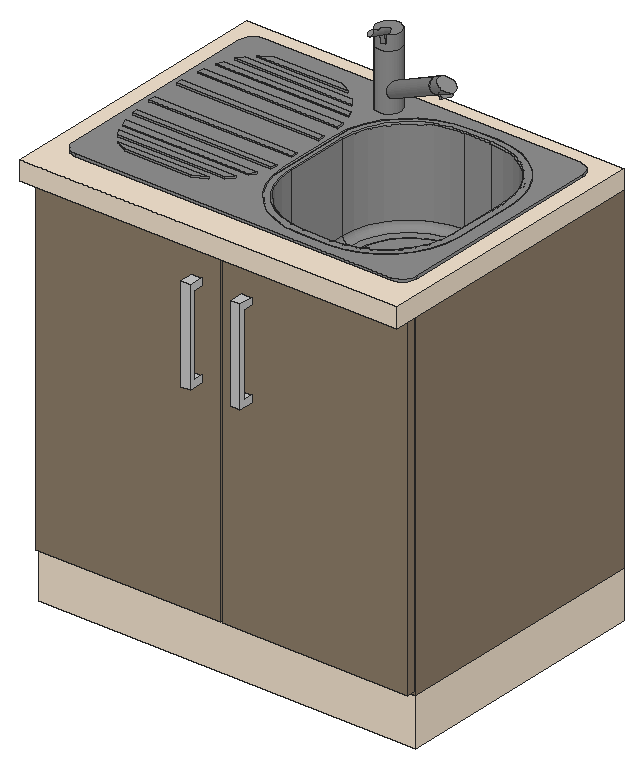
Revit family "Кухня мойка", category Мебель, Revit 2019
Family settings
  Номер OmniClass = 23.40.20.00
  Заголовок OmniClass = General Furniture and Specialties
  На основе рабочей плоскости = Нет
  Всегда вертикально = Да
  При загрузке вырезать с полостями = Нет
  Общий = Нет
  Точка расчета площади = Нет
Parameters (values of type "Мойка")
  Ширина [instance] = 800 mm
  Мойка правая 800мм [instance] = yes
  Мойка левая 800мм [instance] = no
  Мойка в угол кухни (правий) [instance] = no
  Мойка в угол кухни (левый) [instance] = no
  Материал корпус = Материал корпус кухни
  Материал столешница = Материал столешница кухни
  Изготовитель = "Литвинчук Артур"
  URL = "lytvynchukartur@gmail.com"
Reference planes
  plane 1 "По центру (Вперед/Назад)": y = 0
  plane 2: z = 0
  plane 3 "По центру (Влево/Вправо)": x = 0
  plane 4: x = 800
  plane 5: y = -550
  plane 6: z = 100
  plane 7: z = 820
  plane 8: z = 860
  plane 9 "По центру Л/Р": x = 20
  plane 10: x = 780
  plane 11: y = -530
  plane 12 "По центру Л/С": x = 5
  plane 13: x = 795
  plane 14: z = 105
  plane 15: z = 815
  plane 16: x = 400
  plane 17: x = 402.5
  plane 18: x = 397.5
  plane 19: y = -565
  plane 20: x = 357.5
  plane 21: x = 337.5
  plane 22: x = 442.5
  plane 23: x = 462.5
  plane 24: y = -600
  plane 25: x = 550
  plane 26: x = 600
  plane 27: x = 555
  plane 28: x = 1200
  plane 29 "По центру Л/Т": x = -400
  plane 30: x = 250
  plane 31: x = 245
  plane 32: x = 200
  plane 33: x = 760
  plane 34: x = 740
Forms (mm)
  Extrusion 1, solid, material "Материал цоколь кухни"
    sketch origin (0, 0, 0) x (1, 0, 0) y (0, 1, 0)
      loop
        line (0, 0) -> (0, -550) -> (800, -550) -> (800, 0) -> (780, 0) -> (780, -530) -> (20, -530) -> (20, 0) -> (0, 0)
    from 0 to 100
  Extrusion 2, solid, material "Материал корпус кухни" <- "Материал корпус"
    sketch origin (0, 0, 0) x (1, 0, 0) y (0, 1, 0)
      loop
        line (0, 0) -> (0, -550) -> (800, -550) -> (800, 0) -> (0, 0)
      loop
        line (20, -20) -> (20, -530) -> (780, -530) -> (780, -20) -> (20, -20)
    from 100 to 820
  Extrusion 3, solid, material "Материал корпус кухни" <- "Материал корпус", visible <- "Мойка левая 800мм"
    sketch origin (0, 0, 0) x (1, 0, 0) y (0, 0, 1)
      loop
        line (5, 815) -> (5, 105) -> (397.5, 105) -> (397.5, 815) -> (5, 815)
    from 550 to 565
  Extrusion 4, solid, material "Материал корпус кухни" <- "Материал корпус", visible <- "Мойка левая 800мм"
    sketch origin (360, 0, 0) x (1, 0, 0) y (0, 0, 1)
      loop
        line (42.5, 815) -> (42.5, 105) -> (435, 105) -> (435, 815) -> (42.5, 815)
    from 550 to 565
  Extrusion 5, solid, material "Материал ручка кухни", visible <- "Мойка левая 800мм"
    sketch origin (1120, 0, 500) x (0, 0, 1) y (0, 1, 0)
      loop
        line (45, -565) -> (45, -595) -> (245, -595) -> (245, -565) -> (230, -565) -> (230, -585) -> (60, -585) -> (60, -565) -> (45, -565)
    from 762.5 to 782.5
  Extrusion 6, solid, material "Материал ручка кухни", visible <- "Мойка левая 800мм"
    sketch origin (1160, 0, 500) x (0, 0, 1) y (0, 1, 0)
      loop
        line (45, -565) -> (45, -595) -> (245, -595) -> (245, -565) -> (230, -565) -> (230, -585) -> (60, -585) -> (60, -565) -> (45, -565)
    from 697.5 to 717.5
  Extrusion 7, solid, material "Материал столешница кухни" <- "Материал столешница", visible <- "Мойка правая 800мм"
    sketch origin (1060, 0, 0) x (1, 0, 0) y (0, 1, 0)
      loop
        line (-260, 0) -> (-1060, 0) -> (-1060, -600) -> (-260, -600) -> (-260, 0)
      loop
        arc (-306.284, -217.809) -> (-352.561, -106.086) -> (-464.284, -59.809) r 158
        line (-464.284, -59.809) -> (-522.085, -59.809)
        arc (-522.085, -59.809) -> (-582.714, -71.905) -> (-634.061, -106.34) r 158
        line (-634.061, -106.34) -> (-687.085, -170.691) -> (-687.085, -412.847) -> (-638.229, -461.703)
        arc (-638.229, -461.703) -> (-585.485, -499.305) -> (-522.085, -512.583) r 158
        line (-522.085, -512.583) -> (-464.284, -512.583)
        arc (-464.284, -512.583) -> (-352.561, -466.306) -> (-306.284, -354.583) r 158
        line (-306.284, -354.583) -> (-306.284, -217.809)
    from 820 to 860
  Extrusion 8, solid, material "Материал столешница кухни" <- "Материал столешница", visible <- "Мойка левая 800мм"
    sketch origin (-260, 0, 0) x (-1, 0, 0) y (0, -1, 0)
      loop
        line (-260, 0) -> (-260, 600) -> (-1060, 600) -> (-1060, 0) -> (-260, 0)
      loop
        line (-306.284, 217.809) -> (-306.284, 354.583)
        arc (-306.284, 354.583) -> (-352.561, 466.306) -> (-464.284, 512.583) r 158
        line (-464.284, 512.583) -> (-522.085, 512.583)
        arc (-522.085, 512.583) -> (-585.485, 499.305) -> (-638.229, 461.703) r 158
        line (-638.229, 461.703) -> (-687.085, 412.847) -> (-687.085, 170.691) -> (-634.061, 106.34)
        arc (-634.061, 106.34) -> (-582.714, 71.905) -> (-522.085, 59.809) r 158
        line (-522.085, 59.809) -> (-464.284, 59.809)
        arc (-464.284, 59.809) -> (-352.561, 106.086) -> (-306.284, 217.809) r 158
    from 820 to 860
  Extrusion 9, solid, material "Материал корпус кухни" <- "Материал корпус", visible <- "Мойка в угол кухни (правий)"
    sketch origin (-42.5, 0, 0) x (1, 0, 0) y (0, 0, 1)
      loop
        line (47.5, 815) -> (47.5, 105) -> (592.5, 105) -> (592.5, 815) -> (47.5, 815)
    from 550 to 565
  Extrusion 10, solid, material "Материал ручка кухни", visible <- "Мойка в угол кухни (правий)"
    sketch origin (757.5, 0, 500) x (0, 0, 1) y (0, 1, 0)
      loop
        line (45, -565) -> (45, -595) -> (245, -595) -> (245, -565) -> (230, -565) -> (230, -585) -> (60, -585) -> (60, -565) -> (45, -565)
    from 697.5 to 717.5
  Extrusion 11, solid, material "Материал столешница кухни" <- "Материал столешница", visible <- "Мойка в угол кухни (правий)"
    sketch origin (-260, 0, 0) x (-1, 0, 0) y (0, -1, 0)
      loop
        line (-260, 0) -> (-260, 600) -> (-1460, 600) -> (-1460, 0) -> (-260, 0)
      loop
        line (-306.284, 217.809) -> (-306.284, 354.583)
        arc (-306.284, 354.583) -> (-352.561, 466.306) -> (-464.284, 512.583) r 158
        line (-464.284, 512.583) -> (-522.085, 512.583)
        arc (-522.085, 512.583) -> (-585.485, 499.305) -> (-638.229, 461.703) r 158
        line (-638.229, 461.703) -> (-687.085, 412.847) -> (-687.085, 170.691) -> (-634.061, 106.34)
        arc (-634.061, 106.34) -> (-582.714, 71.905) -> (-522.085, 59.809) r 158
        line (-522.085, 59.809) -> (-464.284, 59.809)
        arc (-464.284, 59.809) -> (-352.561, 106.086) -> (-306.284, 217.809) r 158
    from 820 to 860
  Extrusion 12, solid, material "Материал корпус кухни" <- "Материал корпус", visible <- "Мойка правая 800мм"
    sketch origin (-640, 0, 0) x (1, 0, 0) y (0, 0, 1)
      loop
        line (1042.5, 815) -> (1042.5, 105) -> (1435, 105) -> (1435, 815) -> (1042.5, 815)
    from 550 to 565
  Extrusion 13, solid, material "Материал ручка кухни", visible <- "Мойка правая 800мм"
    sketch origin (120, 0, 500) x (0, 0, 1) y (0, 1, 0)
      loop
        line (45, -565) -> (45, -595) -> (245, -595) -> (245, -565) -> (230, -565) -> (230, -585) -> (60, -585) -> (60, -565) -> (45, -565)
    from -237.5 to -217.5
  Extrusion 14, solid, material "Материал ручка кухни", visible <- "Мойка правая 800мм"
    sketch origin (160, 0, 500) x (0, 0, 1) y (0, 1, 0)
      loop
        line (45, -565) -> (45, -595) -> (245, -595) -> (245, -565) -> (230, -565) -> (230, -585) -> (60, -585) -> (60, -565) -> (45, -565)
    from -302.5 to -282.5
  Extrusion 15, solid, material "Материал корпус кухни" <- "Материал корпус", visible <- "Мойка правая 800мм"
    sketch origin (-1540, 0, 0) x (1, 0, 0) y (0, 0, 1)
      loop
        line (1545, 815) -> (1545, 105) -> (1937.5, 105) -> (1937.5, 815) -> (1545, 815)
    from 550 to 565
  Extrusion 16, solid, material "Материал корпус кухни" <- "Материал корпус", visible <- "Мойка в угол кухни (правий)"
    sketch origin (817.5, 0, 0) x (1, 0, 0) y (0, 0, 1)
      loop
        line (-263.354, 815) -> (-263.354, 105) -> (-217.5, 105) -> (-217.5, 815) -> (-263.354, 815)
    from 550 to 565
  Extrusion 17, solid, material "Материал корпус кухни" <- "Материал корпус", visible <- "Мойка в угол кухни (левый)"
    sketch origin (-184.728, 0, 0) x (-1, 0, 0) y (0, 0, -1)
      loop
        line (-979.728, -815) -> (-434.728, -815) -> (-434.728, -105) -> (-979.728, -105) -> (-979.728, -815)
    from 550 to 565
  Extrusion 18, solid, material "Материал ручка кухни", visible <- "Мойка в угол кухни (левый)"
    sketch origin (-984.728, 0, 500) x (0, 0, 1) y (0, -1, 0)
      loop
        line (45, 565) -> (60, 565) -> (60, 585) -> (230, 585) -> (230, 565) -> (245, 565) -> (245, 595) -> (45, 595) -> (45, 565)
    from 1724.728 to 1744.728
  Extrusion 19, solid, material "Материал столешница кухни" <- "Материал столешница", visible <- "Мойка в угол кухни (левый)"
    sketch origin (1060, 0, 0) x (1, 0, 0) y (0, 1, 0)
      loop
        line (-260, 0) -> (-1460, 0) -> (-1460, -600) -> (-260, -600) -> (-260, 0)
      loop
        arc (-306.284, -217.809) -> (-352.561, -106.086) -> (-464.284, -59.809) r 158
        line (-464.284, -59.809) -> (-522.085, -59.809)
        arc (-522.085, -59.809) -> (-582.714, -71.905) -> (-634.061, -106.34) r 158
        line (-634.061, -106.34) -> (-687.085, -170.691) -> (-687.085, -412.847) -> (-638.229, -461.703)
        arc (-638.229, -461.703) -> (-585.485, -499.305) -> (-522.085, -512.583) r 158
        line (-522.085, -512.583) -> (-464.284, -512.583)
        arc (-464.284, -512.583) -> (-352.561, -466.306) -> (-306.284, -354.583) r 158
        line (-306.284, -354.583) -> (-306.284, -217.809)
    from 820 to 860
  Extrusion 20, solid, material "Материал корпус кухни" <- "Материал корпус", visible <- "Мойка в угол кухни (левый)"
    sketch origin (-1044.728, 0, 0) x (-1, 0, 0) y (0, 0, -1)
      loop
        line (-1289.728, -815) -> (-1244.728, -815) -> (-1244.728, -105) -> (-1289.728, -105) -> (-1289.728, -815)
    from 550 to 565
Dimensions and locks
  locked: plane 3 "По центру (Влево/Вправо)" to plane 9 "По центру Л/Р" at 20
  locked: plane 10 to plane 4 at 20
  plane 11 to plane 5 to plane 19 = 20 mm locked, 15 mm locked
  locked: plane 1 "По центру (Вперед/Назад)" to plane 5 at 550
  equal spacing: plane 4, plane 16, plane 3 "По центру (Влево/Вправо)"
  plane 17 to plane 16 to plane 18 = 2.5 mm locked, 2.5 mm locked
  locked: plane 3 "По центру (Влево/Вправо)" to plane 12 "По центру Л/С" at 5
  locked: plane 13 to plane 4 at 5
  plane 21 to plane 20 to plane 16 to plane 22 to plane 23 = 20 mm locked, 42.5 mm locked, 42.5 mm locked, 20 mm locked
  locked: plane 5 to plane 24 at 50
  locked: plane 3 "По центру (Влево/Вправо)" to plane 4 at 800
  plane 26 to plane 27 to plane 25 to plane 3 "По центру (Влево/Вправо)" = 45 mm locked, 5 mm locked, 550 mm locked
  locked: plane 4 to plane 28 at 400
  locked: plane 29 "По центру Л/Т" to plane 3 "По центру (Влево/Вправо)" at 400
  plane 4 to plane 30 to plane 31 to plane 32 = 550 mm locked, 5 mm locked, 45 mm locked
  plane 4 to plane 33 to plane 34 = 40 mm locked, 20 mm locked
  aligned and locked: level to plane 2
  aligned and locked: plane 3 "По центру (Влево/Вправо)" to Extrusion 1 sketch curve
  aligned and locked: Extrusion 1 sketch curve to plane 9 "По центру Л/Р"
  aligned and locked: plane 1 "По центру (Вперед/Назад)" to Extrusion 1 sketch curve  (x2)
  aligned and locked: plane 10 to Extrusion 1 sketch curve
  aligned and locked: Extrusion 1 sketch curve to plane 4
  aligned and locked: Extrusion 1 sketch curve to plane 11
  aligned and locked: plane 5 to Extrusion 1 sketch curve
  aligned and locked: Extrusion 1 to level
  aligned and locked: plane 6 to Extrusion 1
  aligned and locked: plane 3 "По центру (Влево/Вправо)" to Extrusion 2 sketch curve
  aligned and locked: Extrusion 2 sketch curve to plane 9 "По центру Л/Р"
  aligned and locked: plane 1 "По центру (Вперед/Назад)" to Extrusion 2 sketch curve
  aligned and locked: plane 10 to Extrusion 2 sketch curve
  aligned and locked: Extrusion 2 sketch curve to plane 4
  aligned and locked: plane 5 to Extrusion 2 sketch curve
  aligned and locked: Extrusion 2 sketch curve to plane 11
  aligned and locked: plane 7 to Extrusion 2
  aligned and locked: Extrusion 2 to plane 6
  aligned and locked: Extrusion 3 to plane 14
  aligned and locked: plane 15 to Extrusion 3
  aligned and locked: plane 15 to Extrusion 4
  aligned and locked: Extrusion 4 to plane 14
  aligned and locked: Extrusion 3 to plane 12 "По центру Л/С"
  aligned and locked: plane 18 to Extrusion 3
  aligned and locked: Extrusion 4 to plane 17
  aligned and locked: plane 13 to Extrusion 4
  aligned and locked: plane 5 to Extrusion 4
  aligned and locked: Extrusion 4 to plane 19
  aligned and locked: plane 5 to Extrusion 3
  aligned and locked: Extrusion 3 to plane 19
  aligned and locked: plane 20 to Extrusion 5
  aligned and locked: Extrusion 5 to plane 21
  aligned and locked: plane 23 to Extrusion 6
  aligned and locked: Extrusion 6 to plane 22
  aligned and locked: plane 8 to Extrusion 7
  aligned and locked: Extrusion 7 to plane 7
  aligned and locked: Extrusion 7 to plane 3 "По центру (Влево/Вправо)"
  aligned and locked: plane 4 to Extrusion 7
  aligned and locked: Extrusion 7 to plane 1 "По центру (Вперед/Назад)"
  aligned and locked: Extrusion 7 to plane 24
  aligned and locked: nested 1 to Extrusion 7
  aligned and locked: Extrusion 8 to nested 2
  aligned and locked: Extrusion 8 to plane 3 "По центру (Влево/Вправо)"
  aligned and locked: plane 4 to Extrusion 8
  aligned and locked: Extrusion 8 to plane 1 "По центру (Вперед/Назад)"
  aligned and locked: Extrusion 8 to plane 24
  aligned and locked: Extrusion 11 to nested 3
  aligned and locked: plane 15 to Extrusion 12
  aligned and locked: Extrusion 12 to plane 14
  aligned and locked: plane 13 to Extrusion 12
  aligned and locked: Extrusion 12 to plane 17
  aligned and locked: plane 15 to Extrusion 15
  aligned and locked: Extrusion 15 to plane 14
  aligned and locked: plane 18 to Extrusion 15
  aligned and locked: Extrusion 15 to plane 12 "По центру Л/С"
  aligned and locked: plane 23 to Extrusion 14
  aligned and locked: Extrusion 14 to plane 22
  aligned and locked: plane 20 to Extrusion 13
  aligned and locked: Extrusion 13 to plane 21
  aligned and locked: plane 15 to Extrusion 9
  aligned and locked: Extrusion 9 to plane 14
  aligned and locked: Extrusion 9 to plane 12 "По центру Л/С"
  aligned and locked: plane 25 to Extrusion 9
  aligned and locked: plane 15 to Extrusion 16
  aligned and locked: Extrusion 16 to plane 14
  aligned and locked: Extrusion 16 to nested 1
  aligned and locked: plane 26 to Extrusion 16
  aligned and locked: plane 28 to Extrusion 11
  aligned and locked: Extrusion 11 to plane 1 "По центру (Вперед/Назад)"
  aligned and locked: nested 4 to Extrusion 19
  aligned and locked: plane 4 to Extrusion 19
  aligned and locked: Extrusion 19 to plane 1 "По центру (Вперед/Назад)"
  aligned and locked: Extrusion 19 to plane 24
  aligned and locked: Extrusion 19 to plane 29 "По центру Л/Т"
  aligned and locked: plane 15 to Extrusion 17
  aligned and locked: Extrusion 17 to plane 14
  aligned and locked: plane 13 to Extrusion 17
  aligned and locked: Extrusion 17 to plane 30
  aligned and locked: plane 15 to Extrusion 20
  aligned and locked: Extrusion 20 to plane 14
  aligned and locked: plane 31 to Extrusion 20
  aligned and locked: Extrusion 20 to plane 32
  aligned and locked: Extrusion 18 to plane 34
  aligned and locked: plane 33 to Extrusion 18
Automatic sketch dimensions
  plane 1 "По центру (Вперед/Назад)" to Extrusion 2 sketch curve = 20 mm
  Extrusion 3 sketch curve to plane 12 "По центру Л/С" = 0 mm
  Extrusion 3 sketch curve to plane 14 = 0 mm
  Extrusion 3 sketch curve to plane 18 = 0 mm
  Extrusion 3 sketch curve to plane 15 = 0 mm
  Extrusion 4 sketch curve to plane 14 = 0 mm
  Extrusion 4 sketch curve to plane 17 = 0 mm
  Extrusion 4 sketch curve to plane 13 = 0 mm
  Extrusion 4 sketch curve to plane 15 = 0 mm
  Extrusion 5 sketch curve to plane 19 = 0 mm  (x2)
  Extrusion 5 sketch curve to plane 15 = 270 mm
  Extrusion 5 sketch curve to Extrusion 5 sketch curve = 15 mm  (x2)
  Extrusion 5 sketch curve to plane 15 = 85 mm
  plane 24 to Extrusion 5 sketch curve = 5 mm
  plane 24 to Extrusion 5 sketch curve = 15 mm
  Extrusion 6 sketch curve to plane 19 = 0 mm  (x2)
  Extrusion 6 sketch curve to plane 15 = 270 mm
  Extrusion 6 sketch curve to Extrusion 6 sketch curve = 15 mm  (x2)
  Extrusion 6 sketch curve to plane 15 = 85 mm
  plane 24 to Extrusion 6 sketch curve = 5 mm
  plane 24 to Extrusion 6 sketch curve = 15 mm
  plane 1 "По центру (Вперед/Назад)" to Extrusion 7 sketch curve = 0 mm
  Extrusion 7 sketch curve to plane 3 "По центру (Влево/Вправо)" = 0 mm
  Extrusion 7 sketch curve to plane 4 = 0 mm
  Extrusion 7 sketch curve to plane 24 = 0 mm
  plane 20 to Extrusion 7 sketch curve = 15.415 mm
  plane 17 to Extrusion 7 sketch curve = 19.271 mm
  Extrusion 7 sketch curve to plane 22 = 16.561 mm
  Extrusion 7 sketch curve to plane 25 = 12.085 mm  (x2)
  Extrusion 7 sketch curve to plane 26 = 4.284 mm  (x2)
  Extrusion 7 sketch curve to plane 10 = 26.284 mm
  plane 11 to Extrusion 7 sketch curve = 17.417 mm
  plane 5 to Extrusion 7 sketch curve = 88.297 mm
  Extrusion 7 sketch curve to Extrusion 7 sketch curve = 48.856 mm
  Extrusion 7 sketch curve to Extrusion 7 sketch curve = 136.774 mm
  Extrusion 7 sketch curve to Extrusion 7 sketch curve = 0 mm
  Extrusion 7 sketch curve to Extrusion 7 sketch curve = 64.351 mm
  plane 1 "По центру (Вперед/Назад)" to Extrusion 8 sketch curve = 0 mm
  Extrusion 8 sketch curve to plane 4 = 0 mm
  Extrusion 8 sketch curve to plane 3 "По центру (Влево/Вправо)" = 0 mm
  Extrusion 8 sketch curve to plane 24 = 0 mm
  plane 22 to Extrusion 8 sketch curve = 15.415 mm
  plane 18 to Extrusion 8 sketch curve = 19.271 mm
  Extrusion 8 sketch curve to plane 20 = 16.561 mm
  plane 21 to Extrusion 8 sketch curve = 75.415 mm  (x2)
  Extrusion 8 sketch curve to plane 11 = 17.417 mm
  Extrusion 8 sketch curve to Extrusion 8 sketch curve = 57.801 mm  (x2)
  Extrusion 8 sketch curve to plane 9 "По центру Л/Р" = 26.284 mm
  Extrusion 8 sketch curve to plane 5 = 88.297 mm
  Extrusion 8 sketch curve to Extrusion 8 sketch curve = 48.856 mm
  Extrusion 8 sketch curve to Extrusion 8 sketch curve = 136.774 mm
  Extrusion 8 sketch curve to Extrusion 8 sketch curve = 0 mm
  Extrusion 8 sketch curve to Extrusion 8 sketch curve = 64.351 mm
  Extrusion 9 sketch curve to plane 12 "По центру Л/С" = 0 mm
  Extrusion 9 sketch curve to plane 14 = 0 mm
  Extrusion 9 sketch curve to plane 25 = 0 mm
  Extrusion 9 sketch curve to plane 15 = 0 mm
  Extrusion 10 sketch curve to plane 19 = 0 mm  (x2)
  Extrusion 10 sketch curve to plane 15 = 270 mm
  Extrusion 10 sketch curve to Extrusion 10 sketch curve = 15 mm  (x2)
  Extrusion 10 sketch curve to plane 15 = 85 mm
  plane 24 to Extrusion 10 sketch curve = 5 mm
  plane 24 to Extrusion 10 sketch curve = 15 mm
  plane 1 "По центру (Вперед/Назад)" to Extrusion 11 sketch curve = 0 mm
  Extrusion 11 sketch curve to plane 28 = 0 mm
  Extrusion 11 sketch curve to plane 3 "По центру (Влево/Вправо)" = 0 mm
  Extrusion 11 sketch curve to plane 24 = 0 mm
  plane 22 to Extrusion 11 sketch curve = 15.415 mm
  plane 18 to Extrusion 11 sketch curve = 19.271 mm
  Extrusion 11 sketch curve to plane 20 = 16.561 mm
  plane 21 to Extrusion 11 sketch curve = 75.415 mm  (x2)
  Extrusion 11 sketch curve to plane 11 = 17.417 mm
  Extrusion 11 sketch curve to Extrusion 11 sketch curve = 57.801 mm  (x2)
  Extrusion 11 sketch curve to plane 9 "По центру Л/Р" = 26.284 mm
  Extrusion 11 sketch curve to plane 5 = 88.297 mm
  Extrusion 11 sketch curve to Extrusion 11 sketch curve = 48.856 mm
  Extrusion 11 sketch curve to Extrusion 11 sketch curve = 136.774 mm
  Extrusion 11 sketch curve to Extrusion 11 sketch curve = 0 mm
  Extrusion 11 sketch curve to Extrusion 11 sketch curve = 64.351 mm
  Extrusion 12 sketch curve to plane 14 = 0 mm
  Extrusion 12 sketch curve to plane 17 = 0 mm
  Extrusion 12 sketch curve to plane 13 = 0 mm
  Extrusion 12 sketch curve to plane 15 = 0 mm
  Extrusion 13 sketch curve to plane 19 = 0 mm  (x2)
  Extrusion 13 sketch curve to plane 15 = 270 mm
  Extrusion 13 sketch curve to Extrusion 13 sketch curve = 15 mm  (x2)
  Extrusion 13 sketch curve to plane 15 = 85 mm
  plane 24 to Extrusion 13 sketch curve = 5 mm
  plane 24 to Extrusion 13 sketch curve = 15 mm
  Extrusion 14 sketch curve to plane 19 = 0 mm  (x2)
  Extrusion 14 sketch curve to plane 15 = 270 mm
  Extrusion 14 sketch curve to Extrusion 14 sketch curve = 15 mm  (x2)
  Extrusion 14 sketch curve to plane 15 = 85 mm
  plane 24 to Extrusion 14 sketch curve = 5 mm
  plane 24 to Extrusion 14 sketch curve = 15 mm
  Extrusion 15 sketch curve to plane 12 "По центру Л/С" = 0 mm
  Extrusion 15 sketch curve to plane 14 = 0 mm
  Extrusion 15 sketch curve to plane 18 = 0 mm
  Extrusion 15 sketch curve to plane 15 = 0 mm
  Extrusion 16 sketch curve to plane 14 = 0 mm
  Extrusion 16 sketch curve to plane 15 = 0 mm
  Extrusion 16 sketch curve to plane 26 = 0 mm
  Extrusion 16 sketch curve to plane 27 = 0.854 mm
  Extrusion 17 sketch curve to plane 14 = 0 mm
  plane 15 to Extrusion 17 sketch curve = 0 mm
  Extrusion 17 sketch curve to plane 3 "По центру (Влево/Вправо)" = 795 mm
  Extrusion 17 sketch curve to Extrusion 17 sketch curve = 545 mm
  Extrusion 18 sketch curve to plane 19 = 0 mm  (x2)
  Extrusion 18 sketch curve to plane 15 = 270 mm
  Extrusion 18 sketch curve to Extrusion 18 sketch curve = 15 mm  (x2)
  Extrusion 18 sketch curve to plane 15 = 85 mm
  plane 24 to Extrusion 18 sketch curve = 5 mm
  plane 24 to Extrusion 18 sketch curve = 15 mm
  plane 1 "По центру (Вперед/Назад)" to Extrusion 19 sketch curve = 0 mm
  plane 24 to Extrusion 19 sketch curve = 0 mm
  Extrusion 19 sketch curve to plane 3 "По центру (Влево/Вправо)" = 400 mm
  plane 11 to Extrusion 19 sketch curve = 117.153 mm
  plane 3 "По центру (Влево/Вправо)" to Extrusion 19 sketch curve = 372.915 mm
  plane 11 to Extrusion 19 sketch curve = 68.297 mm
  Extrusion 19 sketch curve to Extrusion 19 sketch curve = 48.856 mm
  plane 1 "По центру (Вперед/Назад)" to Extrusion 19 sketch curve = 106.34 mm
  Extrusion 19 sketch curve to Extrusion 19 sketch curve = 53.024 mm
  plane 1 "По центру (Вперед/Назад)" to Extrusion 19 sketch curve = 59.809 mm
  Extrusion 19 sketch curve to Extrusion 19 sketch curve = 111.976 mm
  Extrusion 19 sketch curve to Extrusion 19 sketch curve = 0 mm
  Extrusion 19 sketch curve to Extrusion 19 sketch curve = 57.801 mm  (x2)
  Extrusion 19 sketch curve to Extrusion 19 sketch curve = 158 mm
  Extrusion 19 sketch curve to Extrusion 19 sketch curve = 204.284 mm
  plane 5 to Extrusion 19 sketch curve = 37.417 mm
  Extrusion 19 sketch curve to Extrusion 19 sketch curve = 64.351 mm
  Extrusion 20 sketch curve to plane 14 = 0 mm
  plane 15 to Extrusion 20 sketch curve = 0 mm
  Extrusion 20 sketch curve to plane 3 "По центру (Влево/Вправо)" = 245 mm
  Extrusion 20 sketch curve to Extrusion 20 sketch curve = 45 mm
Nested families
  nested 1: "Раковина кухонная" at (369.002, -285.228, 15), visible <- "Мойка правая 800мм", type "780 x 500mm"
  nested 2: "Раковина кухонная" at (430.998, -285.228, 15) x (-1, 0, 0) z (0, 0, 1), visible <- "Мойка левая 800мм", type "780 x 500mm"
  nested 3: "Раковина кухонная" at (430.998, -285.228, 15) x (-1, 0, 0) z (0, 0, 1), visible <- "Мойка в угол кухни (правий)", type "780 x 500mm"
  nested 4: "Раковина кухонная" at (369.002, -285.228, 15), visible <- "Мойка в угол кухни (левый)", type "780 x 500mm"
Definition of nested family "Раковина кухонная"
  Parameters (values of type "780 x 500mm")
    Manufacturer = "Revit"
    Description = ""
    Assembly Code = ""
  Reference planes
    plane 1 "Center (Front/Back)": y = 0
    plane 2: z = 0
    plane 3 "Center (Left/Right)": x = 0
    plane 4: z = 850
  Forms (mm)
    Extrusion 1, solid
      sketch origin (0, 0, 650) x (1, 0, 0) y (0, 1, 0)
        loop
          line (-332.084, 220.228) -> (-332.084, -219.772)
          arc (-332.084, -219.772) -> (-323.297, -240.985) -> (-302.084, -249.772) r 30
          line (-302.084, -249.772) -> (365.998, -249.772)
          arc (365.998, -249.772) -> (387.211, -240.985) -> (395.998, -219.772) r 30
          line (395.998, -219.772) -> (395.998, 220.228)
          arc (395.998, 220.228) -> (387.211, 241.441) -> (365.998, 250.228) r 30
          line (365.998, 250.228) -> (-302.084, 250.228)
          arc (-302.084, 250.228) -> (-323.297, 241.441) -> (-332.084, 220.228) r 30
        loop
          arc (39.937, 178.66) -> (13.03, 142.527) -> (-2.585, 100.268) r 158
          line (-2.585, 100.268) -> (-2.585, -102.661)
          arc (-2.585, -102.661) -> (13.03, -144.919) -> (39.937, -181.052) r 158
          arc (39.937, -181.052) -> (91.284, -215.488) -> (151.914, -227.583) r 158
          line (151.914, -227.583) -> (209.714, -227.583)
          arc (209.714, -227.583) -> (321.437, -181.306) -> (367.714, -69.583) r 158
          line (367.714, -69.583) -> (367.714, 67.191)
          arc (367.714, 67.191) -> (321.437, 178.914) -> (209.714, 225.191) r 158
          line (209.714, 225.191) -> (151.914, 225.191)
          arc (151.914, 225.191) -> (91.284, 213.095) -> (39.937, 178.66) r 158
      from 195 to 200
    Extrusion 2, solid
      sketch origin (366.798, 0, 650) x (1, 0, 0) y (0, 1, 0)
        loop
          arc (-325.184, -69.583) -> (-292.878, -147.577) -> (-214.885, -179.883) r 110.3
          line (-214.885, -179.883) -> (-157.084, -179.883)
          arc (-157.084, -179.883) -> (-79.09, -147.577) -> (-46.784, -69.583) r 110.3
          line (-46.784, -69.583) -> (-46.784, 67.191)
          arc (-46.784, 67.191) -> (-79.09, 145.185) -> (-157.084, 177.491) r 110.3
          line (-157.084, 177.491) -> (-214.885, 177.491)
          arc (-214.885, 177.491) -> (-292.878, 145.185) -> (-325.184, 67.191) r 110.3
          line (-325.184, 67.191) -> (-325.184, -69.583)
        loop
          circle (-185.984, 113.214) r 47.433
      from -5 to 0
    Sweep 3, solid
      path origin (366.798, 0, 650) x (1, 0, 0) y (0, 1, 0)
        loop
          arc (-354.885, -69.583) -> (-313.88, -168.578) -> (-214.885, -209.583) r 140
          line (-214.885, -209.583) -> (-157.084, -209.583)
          arc (-157.084, -209.583) -> (-58.089, -168.578) -> (-17.084, -69.583) r 140
          line (-17.084, -69.583) -> (-17.084, 67.191)
          arc (-17.084, 67.191) -> (-58.089, 166.186) -> (-157.084, 207.191) r 140
          line (-157.084, 207.191) -> (-214.885, 207.191)
          arc (-214.885, 207.191) -> (-313.88, 166.186) -> (-354.885, 67.191) r 140
          line (-354.885, 67.191) -> (-354.885, -69.583)
      profile origin (0, -1.196, 0) x (-1, 0, 0) y (0, 0, 1)
        loop
          line (6.086, 850) -> (-6.925, 850)
          arc (-6.925, 850) -> (-8.331, 849.417) -> (-8.914, 848.011) r 1.989
          line (-8.914, 848.011) -> (-8.914, 665)
          arc (-8.914, 665) -> (-13.307, 654.393) -> (-23.914, 650) r 15
          line (-23.914, 650) -> (-41.614, 650) -> (-41.614, 645) -> (-23.914, 645)
          arc (-23.914, 645) -> (-9.771, 650.858) -> (-3.914, 665) r 20
          line (-3.914, 665) -> (-3.914, 845) -> (6.086, 845) -> (6.086, 850)
    Extrusion 4, solid, detail levels medium+fine
      sketch origin (162.789, 12.963, 850) x (1, 0, 0) y (0, 1, 0)
        loop
          arc (-411.603, 194.228) -> (-424.034, 188.016) -> (-435.788, 180.602) r 140
          line (-435.788, 180.602) -> (-242.745, 180.602)
          arc (-242.745, 180.602) -> (-255.555, 188.115) -> (-269.089, 194.228) r 140
          line (-269.089, 194.228) -> (-411.603, 194.228)
        loop
          arc (-448.57, 163.57) -> (-454.223, 156.926) -> (-459.452, 149.944) r 140
          line (-459.452, 149.944) -> (-209.542, 149.944)
          arc (-209.542, 149.944) -> (-215.396, 156.955) -> (-221.696, 163.57) r 140
          line (-221.696, 163.57) -> (-448.57, 163.57)
        loop
          arc (-465.461, 130.357) -> (-468.96, 123.633) -> (-472.091, 116.731) r 140
          line (-472.091, 116.731) -> (-190.279, 116.731)
          arc (-190.279, 116.731) -> (-193.319, 123.63) -> (-196.725, 130.357) r 140
          line (-196.725, 130.357) -> (-465.461, 130.357)
        loop
          arc (-476.903, 90.331) -> (-478.088, 83.543) -> (-478.938, 76.705) r 140
          line (-478.938, 76.705) -> (-180.472, 76.705)
          arc (-180.472, 76.705) -> (-181.277, 83.542) -> (-182.417, 90.331) r 140
          line (-182.417, 90.331) -> (-476.903, 90.331)
        loop
          line (-481.79, 38.382) -> (-481.79, 24.756) -> (-179.873, 24.756) -> (-179.873, 38.382) -> (-481.79, 38.382)
        loop
          line (-481.86, -34.004) -> (-481.86, -47.63) -> (-179.873, -47.63) -> (-179.873, -34.004) -> (-481.86, -34.004)
        loop
          arc (-477.241, -85.952) -> (-476.391, -92.79) -> (-475.205, -99.578) r 140
          line (-475.205, -99.578) -> (-182.417, -99.578)
          arc (-182.417, -99.578) -> (-181.277, -92.789) -> (-180.472, -85.952) r 140
          line (-180.472, -85.952) -> (-477.241, -85.952)
        loop
          arc (-469.958, -125.978) -> (-466.987, -132.876) -> (-463.65, -139.604) r 140
          line (-463.65, -139.604) -> (-196.725, -139.604)
          arc (-196.725, -139.604) -> (-193.319, -132.878) -> (-190.279, -125.978) r 140
          line (-190.279, -125.978) -> (-469.958, -125.978)
        loop
          arc (-456.988, -159.192) -> (-452.771, -166.133) -> (-448.158, -172.817) r 140
          line (-448.158, -172.817) -> (-221.696, -172.817)
          arc (-221.696, -172.817) -> (-215.396, -166.203) -> (-209.542, -159.192) r 140
          line (-209.542, -159.192) -> (-456.988, -159.192)
        loop
          arc (-434.124, -189.85) -> (-421.755, -197.32) -> (-408.681, -203.476) r 140
          line (-408.681, -203.476) -> (-269.089, -203.476)
          arc (-269.089, -203.476) -> (-255.555, -197.362) -> (-242.745, -189.85) r 140
          line (-242.745, -189.85) -> (-434.124, -189.85)
      from 0 to 3
    Extrusion 5, solid
      sketch origin (366.798, 0, 650) x (1, 0, 0) y (0, 1, 0)
        loop
          arc (-233.418, 113.214) -> (-231.801, 100.938) -> (-227.063, 89.498) r 47.433
          line (-227.063, 89.498) -> (-190.314, 110.714)
          arc (-190.314, 110.714) -> (-190.814, 111.92) -> (-190.984, 113.214) r 5
          line (-190.984, 113.214) -> (-233.418, 113.214)
        loop
          arc (-138.551, 113.214) -> (-140.167, 125.491) -> (-144.906, 136.931) r 47.433
          line (-144.906, 136.931) -> (-181.654, 115.714)
          arc (-181.654, 115.714) -> (-181.155, 114.508) -> (-180.984, 113.214) r 5
          line (-180.984, 113.214) -> (-138.551, 113.214)
        loop
          line (-185.984, 160.647) -> (-185.984, 118.214)
          arc (-185.984, 118.214) -> (-184.69, 118.044) -> (-183.484, 117.544) r 5
          line (-183.484, 117.544) -> (-162.268, 154.293)
          arc (-162.268, 154.293) -> (-173.708, 159.031) -> (-185.984, 160.647) r 47.433
        loop
          arc (-209.701, 154.293) -> (-219.525, 146.754) -> (-227.063, 136.931) r 47.433
          line (-227.063, 136.931) -> (-190.314, 115.714)
          arc (-190.314, 115.714) -> (-189.52, 116.75) -> (-188.484, 117.544) r 5
          line (-188.484, 117.544) -> (-209.701, 154.293)
        loop
          arc (-209.701, 72.136) -> (-198.261, 67.397) -> (-185.984, 65.781) r 47.433
          line (-185.984, 65.781) -> (-185.984, 108.214)
          arc (-185.984, 108.214) -> (-187.278, 108.385) -> (-188.484, 108.884) r 5
          line (-188.484, 108.884) -> (-209.701, 72.136)
        loop
          arc (-162.268, 72.136) -> (-152.444, 79.674) -> (-144.906, 89.498) r 47.433
          line (-144.906, 89.498) -> (-181.654, 110.714)
          arc (-181.654, 110.714) -> (-182.449, 109.679) -> (-183.484, 108.884) r 5
          line (-183.484, 108.884) -> (-162.268, 72.136)
      from -26.282 to 0
    Extrusion 6, solid
      sketch origin (366.798, 0, 650) x (1, 0, 0) y (0, 1, 0)
        loop
          circle (-185.984, 113.214) r 5
      from -26.282 to 4.12
    Extrusion 7, solid
      sketch origin (398.488, 108.16, 650) x (0.866025, 0.5, 0) y (-0.5, 0.866025, 0)
        loop
          arc (-233.418, 113.214) -> (-231.801, 100.938) -> (-227.063, 89.498) r 47.433
          line (-227.063, 89.498) -> (-190.314, 110.714)
          arc (-190.314, 110.714) -> (-190.814, 111.92) -> (-190.984, 113.214) r 5
          line (-190.984, 113.214) -> (-233.418, 113.214)
        loop
          arc (-138.551, 113.214) -> (-140.167, 125.491) -> (-144.906, 136.931) r 47.433
          line (-144.906, 136.931) -> (-181.654, 115.714)
          arc (-181.654, 115.714) -> (-181.155, 114.508) -> (-180.984, 113.214) r 5
          line (-180.984, 113.214) -> (-138.551, 113.214)
        loop
          line (-185.984, 160.647) -> (-185.984, 118.214)
          arc (-185.984, 118.214) -> (-184.69, 118.044) -> (-183.484, 117.544) r 5
          line (-183.484, 117.544) -> (-162.268, 154.293)
          arc (-162.268, 154.293) -> (-173.708, 159.031) -> (-185.984, 160.647) r 47.433
        loop
          arc (-209.701, 154.293) -> (-219.525, 146.754) -> (-227.063, 136.931) r 47.433
          line (-227.063, 136.931) -> (-190.314, 115.714)
          arc (-190.314, 115.714) -> (-189.52, 116.75) -> (-188.484, 117.544) r 5
          line (-188.484, 117.544) -> (-209.701, 154.293)
        loop
          arc (-209.701, 72.136) -> (-198.261, 67.397) -> (-185.984, 65.781) r 47.433
          line (-185.984, 65.781) -> (-185.984, 108.214)
          arc (-185.984, 108.214) -> (-187.278, 108.385) -> (-188.484, 108.884) r 5
          line (-188.484, 108.884) -> (-209.701, 72.136)
        loop
          arc (-162.268, 72.136) -> (-152.444, 79.674) -> (-144.906, 89.498) r 47.433
          line (-144.906, 89.498) -> (-181.654, 110.714)
          arc (-181.654, 110.714) -> (-182.449, 109.679) -> (-183.484, 108.884) r 5
          line (-183.484, 108.884) -> (-162.268, 72.136)
      from -26.282 to -5
    Extrusion 8, solid
      sketch origin (1.669, 199.069, 850) x (0.434529, 0.900658, 0) y (-0.900658, 0.434529, 0)
        loop
          circle (0, 0) r 25
      from 0 to 120
    Extrusion 9, solid
      sketch origin (1.669, 199.069, 970) x (0.434529, 0.900658, 0) y (-0.900658, 0.434529, 0)
        loop
          circle (0, 0) r 25
      from 0 to 30
    Sweep 10, solid
      path origin (1.669, 199.069, 850) x (-0.900658, 0.434529, 0) y (0, 0, 1)
        loop
          line (-7.059, 38.349) -> (-187.156, 137.42)
      profile origin (365.099, -176.145, 222.993) x (0.434103, -0.209436, -0.87618) y (0.434529, 0.900658, 0)
        loop
          circle (-814.038, 180.019) r 15
    Sweep 11, solid
      path origin (1.669, 199.069, 850) x (-0.900658, 0.434529, 0) y (0, 0, 1)
        loop
          line (-188.063, 135.772) -> (-236.252, 162.281)
      profile origin (467.903, -225.743, 285.783) x (0.434103, -0.209436, -0.87618) y (0.434529, 0.900658, 0)
        loop
          circle (-814.038, 180.019) r 15
    Extrusion 12, void
      sketch origin (1.669, 199.069, 850) x (0.900658, -0.434529, 0) y (0, 0, 1)
        loop
          line (202.737, 160.964) -> (243.482, 149.139) -> (229.023, 175.424) -> (202.737, 160.964)
      from -54.803 to 30
    Extrusion 13, solid
      sketch origin (-4.112, 201.859, 861.669) x (0.789138, -0.380725, 0.481984) y (-0.434529, -0.900658, 0)
        loop
          circle (255.217, 0) r 11
      from -7.514 to 6.121
    Sweep 14, solid
      path origin (1.669, 199.069, 850) x (0.329603, -0.94412, 0) y (0, 0, 1)
        loop
          line (1.612, 146.811) -> (92.243, 189.073)
      profile origin (90.481, -259.175, 128.009) x (-0.139296, 0.399002, 0.906308) y (-0.94412, -0.329603, 0)
        loop
          circle (980.935, -67.19) r 5
    Extrusion 15, solid
      sketch origin (1.669, 199.069, 850) x (0.329603, -0.94412, 0) y (0, 0, 1)
        loop
          line (30.984, 158.177) -> (9.675, 150.421) -> (9.675, 133.671) -> (26.663, 133.671) -> (30.984, 158.177)
      from -4.433 to 4.388
    Extrusion 16, void
      sketch origin (1.669, 199.069, 850) x (-0.329603, 0.94412, 0) y (0, 0, 1)
        loop
          line (-99.984, 182.242) -> (-73.884, 189.236) -> (-99.984, 198.735) -> (-99.984, 182.242)
      from -20.858 to 30
    Extrusion 17, solid, not visible
      sketch origin (572.84, 305.314, 0) x (1, 0, 0) y (0, 1, 0)
        loop
          circle (0, 0) r 25
      from 0 to 120
    Extrusion 18, solid, not visible
      sketch origin (572.84, 305.314, 120) x (1, 0, 0) y (0, 1, 0)
        loop
          circle (0, 0) r 25
      from 0 to 30
    Sweep 19, solid, not visible
      path origin (572.84, 305.314, 0) x (0, 1, 0) y (0, 0, 1)
        loop
          line (-7.059, 38.349) -> (-187.156, 137.42)
      profile origin (0, 122.724, -67.51) x (0, -0.481984, -0.87618) y (1, 0, 0)
        loop
          circle (-175.474, 572.84) r 15
    Sweep 20, solid, not visible
      path origin (572.84, 305.314, 0) x (0, 1, 0) y (0, 0, 1)
        loop
          line (-188.063, 135.772) -> (-236.252, 162.281)
      profile origin (0, 8.581, -4.72) x (0, -0.481984, -0.87618) y (1, 0, 0)
        loop
          circle (-175.474, 572.84) r 15
    Extrusion 21, void, not visible
      sketch origin (572.84, 305.314, 0) x (0, -1, 0) y (0, 0, 1)
        loop
          line (202.737, 160.964) -> (243.482, 149.139) -> (229.023, 175.424) -> (202.737, 160.964)
      from -54.803 to 30
    Extrusion 22, solid, not visible
      sketch origin (572.84, 311.733, 11.669) x (0, -0.87618, 0.481984) y (-1, 0, 0)
        loop
          circle (255.217, 0) r 11
      from -7.514 to 6.121
    Sweep 23, solid, not visible
      path origin (572.84, 305.314, 0) x (-0.707107, -0.707107, 0) y (0, 0, 1)
        loop
          line (1.612, 146.811) -> (92.243, 189.073)
      profile origin (287.913, 287.913, -189.867) x (0.298836, 0.298836, 0.906308) y (-0.707107, 0.707107, 0)
        loop
          circle (393.801, -189.169) r 5
    Extrusion 24, solid, not visible
      sketch origin (572.84, 305.314, 0) x (-0.707107, -0.707107, 0) y (0, 0, 1)
        loop
          line (30.984, 158.177) -> (9.675, 150.421) -> (9.675, 133.671) -> (26.663, 133.671) -> (30.984, 158.177)
      from -4.433 to 4.388
    Extrusion 25, void, not visible
      sketch origin (572.84, 305.314, 0) x (0.707107, 0.707107, 0) y (0, 0, 1)
        loop
          line (-99.984, 182.242) -> (-73.884, 189.236) -> (-99.984, 198.735) -> (-99.984, 182.242)
      from -20.858 to 30
  Cuts and joins
    Extrusion 16 cuts Sweep 14
    Extrusion 12 cuts Sweep 11
  Lines and regions (mm)
    symbolic lines
      curve 1: line (-302.084, 250.228, 0) -> (365.998, 250.228, 0)
      curve 2: arc (365.998, 250.228, 0) -> (387.211, 241.441, 0) -> (395.998, 220.228, 0) r 30
      curve 3: line (395.998, 220.228, 0) -> (395.998, -219.772, 0)
      curve 4: arc (395.998, -219.772, 0) -> (387.211, -240.985, 0) -> (365.998, -249.772, 0) r 30
      curve 5: line (365.998, -249.772, 0) -> (-302.084, -249.772, 0)
      curve 6: arc (-302.084, -249.772, 0) -> (-323.297, -240.985, 0) -> (-332.084, -219.772, 0) r 30
      curve 7: line (-332.084, -219.772, 0) -> (-332.084, 220.228, 0)
      curve 8: arc (-332.084, 220.228, 0) -> (-323.297, 241.441, 0) -> (-302.084, 250.228, 0) r 30
      curve 9: line (-302.084, 235.228, 0) -> (365.998, 235.228, 0)
      curve 10: arc (365.998, 235.228, 0) -> (376.605, 230.835, 0) -> (380.998, 220.228, 0) r 15
      curve 11: line (380.998, 220.228, 0) -> (380.998, -219.772, 0)
      curve 12: arc (380.998, -219.772, 0) -> (376.605, -230.379, 0) -> (365.998, -234.772, 0) r 15
      curve 13: line (365.998, -234.772, 0) -> (-302.084, -234.772, 0)
      curve 14: arc (-302.084, -234.772, 0) -> (-312.691, -230.379, 0) -> (-317.084, -219.772, 0) r 15
      curve 15: line (-317.084, -219.772, 0) -> (-317.084, 220.228, 0)
      curve 16: arc (-317.084, 220.228, 0) -> (-312.691, 230.835, 0) -> (-302.084, 235.228, 0) r 15
      curve 17: arc (-150.97, 225.419, 0) -> (-262.693, 179.142, 0) -> (-308.97, 67.419, 0) r 158
      curve 18: line (-308.97, 67.419, 0) -> (-308.97, -69.355, 0)
      curve 19: arc (-308.97, -69.355, 0) -> (-262.693, -181.078, 0) -> (-150.97, -227.355, 0) r 158
      curve 20: line (-150.97, -227.355, 0) -> (-157.084, -227.355, 0)
      curve 21: arc (-157.084, -227.355, 0) -> (-96.454, -215.259, 0) -> (-45.108, -180.824, 0) r 158
      curve 22: arc (-45.108, -180.824, 0) -> (-2.585, -163.154, 0) -> (39.937, -180.824, 0) r 60
      curve 23: arc (39.937, -180.824, 0) -> (91.284, -215.259, 0) -> (151.914, -227.355, 0) r 158
      curve 24: line (151.914, -227.355, 0) -> (209.714, -227.355, 0)
      curve 25: arc (209.714, -227.355, 0) -> (321.437, -181.078, 0) -> (367.714, -69.355, 0) r 158
      curve 26: line (367.714, -69.355, 0) -> (367.714, 67.419, 0)
      curve 27: arc (367.714, 67.419, 0) -> (321.437, 179.142, 0) -> (209.714, 225.419, 0) r 158
      curve 28: line (209.714, 225.419, 0) -> (151.914, 225.419, 0)
      curve 29: arc (151.914, 225.419, 0) -> (91.284, 213.323, 0) -> (39.937, 178.888, 0) r 158
      curve 30: arc (39.937, 178.888, 0) -> (-2.585, 161.218, 0) -> (-45.108, 178.888, 0) r 60
      curve 31: arc (-45.108, 178.888, 0) -> (-96.454, 213.323, 0) -> (-157.084, 225.419, 0) r 158
      curve 32: line (-157.084, 225.419, 0) -> (-150.97, 225.419, 0)
      curve 33: arc (13.483, 187.383, 0) -> (-2.585, 203.451, 0) -> (-18.653, 187.383, 0) r 16.068
      curve 34: arc (-18.653, 187.383, 0) -> (-2.585, 171.315, 0) -> (13.483, 187.383, 0) r 16.068
      curve 35: line (-150.97, 207.419, 0) -> (-157.084, 207.419, 0)
      curve 36: arc (-157.084, 207.419, 0) -> (-58.089, 166.414, 0) -> (-17.084, 67.419, 0) r 140
      curve 37: line (-17.084, 67.419, 0) -> (-17.084, -69.355, 0)
      curve 38: arc (-17.084, -69.355, 0) -> (-58.089, -168.35, 0) -> (-157.084, -209.355, 0) r 140
      curve 39: line (-157.084, -209.355, 0) -> (-150.97, -209.355, 0)
      curve 40: arc (-150.97, -209.355, 0) -> (-249.965, -168.35, 0) -> (-290.97, -69.355, 0) r 140
      curve 41: line (-290.97, -69.355, 0) -> (-290.97, 67.419, 0)
      curve 42: arc (-290.97, 67.419, 0) -> (-249.965, 166.414, 0) -> (-150.97, 207.419, 0) r 140
      curve 43: line (-201.754, 197.884, 0) -> (-106.301, 197.884, 0)
      curve 44: line (-228.098, 184.258, 0) -> (-79.956, 184.258, 0)
      curve 45: line (-249.147, 167.226, 0) -> (-58.907, 167.226, 0)
      curve 46: line (-261.301, 153.6, 0) -> (-46.753, 153.6, 0)
      curve 47: line (-274.118, 134.012, 0) -> (-33.936, 134.012, 0)
      curve 48: line (-280.564, 120.387, 0) -> (-27.491, 120.387, 0)
      curve 49: line (-288.427, 93.986, 0) -> (-19.628, 93.986, 0)
      curve 50: line (-290.371, 80.36, 0) -> (-17.683, 80.36, 0)
      curve 51: line (-290.97, 42.038, 0) -> (-17.084, 42.038, 0)
      curve 52: line (-290.97, 28.412, 0) -> (-17.084, 28.412, 0)
      curve 53: line (-290.97, -30.348, 0) -> (-17.084, -30.348, 0)
      curve 54: line (-290.97, -43.974, 0) -> (-17.084, -43.974, 0)
      curve 55: line (-290.371, -82.297, 0) -> (-17.683, -82.297, 0)
      curve 56: line (-288.427, -95.922, 0) -> (-19.628, -95.922, 0)
      curve 57: line (-280.564, -122.323, 0) -> (-27.491, -122.323, 0)
      curve 58: line (-274.118, -135.949, 0) -> (-33.936, -135.949, 0)
      curve 59: line (-261.301, -155.536, 0) -> (-46.753, -155.536, 0)
      curve 60: line (-249.147, -169.162, 0) -> (-58.907, -169.162, 0)
      curve 61: line (-228.098, -186.194, 0) -> (-79.956, -186.194, 0)
      curve 62: line (-201.754, -199.82, 0) -> (-106.301, -199.82, 0)
      curve 63: arc (151.914, 207.419, 0) -> (52.919, 166.414, 0) -> (11.914, 67.419, 0) r 140
      curve 64: line (11.914, 67.419, 0) -> (11.914, -69.355, 0)
      curve 65: arc (11.914, -69.355, 0) -> (52.919, -168.35, 0) -> (151.914, -209.355, 0) r 140
      curve 66: line (151.914, -209.355, 0) -> (209.714, -209.355, 0)
      curve 67: arc (209.714, -209.355, 0) -> (308.709, -168.35, 0) -> (349.714, -69.355, 0) r 140
      curve 68: line (349.714, -69.355, 0) -> (349.714, 67.419, 0)
      curve 69: arc (349.714, 67.419, 0) -> (308.709, 166.414, 0) -> (209.714, 207.419, 0) r 140
      curve 70: line (209.714, 207.419, 0) -> (151.914, 207.419, 0)
      curve 71: arc (240.67, 113.442, 0) -> (180.814, 173.298, 0) -> (120.958, 113.442, 0) r 59.856
      curve 72: arc (120.958, 113.442, 0) -> (180.814, 53.586, 0) -> (240.67, 113.442, 0) r 59.856
      curve 73: arc (228.247, 113.442, 0) -> (180.814, 160.875, 0) -> (133.381, 113.442, 0) r 47.433
      curve 74: arc (133.381, 113.442, 0) -> (180.814, 66.009, 0) -> (228.247, 113.442, 0) r 47.433
      curve 75: line (180.814, 131.501, 0) -> (180.814, 187.935, 0)
      curve 76: line (162.755, 113.442, 0) -> (106.321, 113.442, 0)
      curve 77: line (180.814, 95.383, 0) -> (180.814, 38.949, 0)
      curve 78: line (198.873, 113.442, 0) -> (255.307, 113.442, 0)
